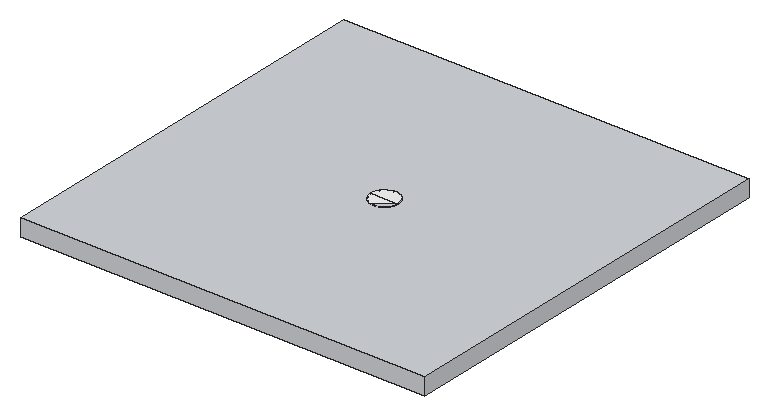
Revit family
Parameters (values of type "4"")
  WFU = 0
  URL = "WWW.MIFAB.COM"
  Strainer Diameter = 6.50"
  Pipe Radius = Pipe Diameter / 2  # 2.00"
  Pipe Diameter = 4.00"
  Model = "F1240"
  Manufacturer = "MIFAB"
  Floor Drain Material = Paint - Sherwin Williams Paint - #952C2A - Bellwood Red
  Description = "NON ADJUSTABLE AREA DRAIN"
  Default Elevation = 0.00"
  Body Height = 3.00"
Types (4): name | Pipe Radius | Pipe Diameter
  (no name) | 2.00" | 4.00"
  2" | 1.00" | 2.00"
  3" | 1.50" | 3.00"
  4" | 2.00" | 4.00"
Reference planes (in)
  plane 1 "Center (Front/Back)": y = 0
  plane 2: z = 0
  plane 3 "Center (Left/Right)": x = 0
  plane 4: x = -3.25
  plane 5: x = 3.25
  plane 6: z = -3
  plane 7: x = -2
  plane 8: x = 2
  plane 9: z = -0.9
Forms (in)
  Extrusion 1, solid
    sketch origin (0, 0, 0) x (1, 0, 0) y (0, 1, 0)
      loop
        line (-48, 48) -> (-48, -48) -> (48, -48) -> (48, 48) -> (-48, 48)
    from 0 to -4
  Revolve 2, solid, material "Paint - Sherwin Williams Paint - #952C2A - Bellwood Red" <- "Floor Drain Material"
    sketch origin (0, 0, 0) x (1, 0, 0) y (0, 0, 1)
      loop
        line (2, -3) -> (2.15, -3) -> (2.15, -0.9) -> (3.25, -0.9) -> (3.25, 0) -> (0, 0) -> (0, -0.15) -> (3.1, -0.15) -> (3.1, -0.75) -> (2, -0.75) -> (2, -3)
      axis (0, 0) -> (0, -3)
    angle from 0 to 360
Lines and regions (in)
  symbolic lines
    curve 1: circle (0, 0, 0) r 3.25 normal (0, 0, 1)
    curve 2: circle (0, 0, 0) r 2 normal (0, 0, 1)
Dimensions and locks (in)
  equal spacing: plane 5, plane 3 "Center (Left/Right)", plane 4
  "Strainer Diameter": plane 5 to plane 4
  "Body Height": Extrusion 1 to plane 6
  equal spacing: plane 8, plane 3 "Center (Left/Right)", plane 7
  "Pipe Diameter": plane 8 to plane 7
  locked: Extrusion 1 to plane 9 at 0.9
  locked: Revolve 2 sketch curve to Revolve 2 sketch curve at 0.15
  Revolve 2 sketch curve to Revolve 2 sketch curve to Revolve 2 sketch curve = 0.15", 0.60"
  Revolve 2 sketch curve to plane 5 = 0.15"
  aligned and locked: plane 2 to Extrusion 1
  aligned and locked: level to Extrusion 1
  aligned and locked: plane 8 to Revolve 2 sketch curve
  aligned and locked: Extrusion 1 to Revolve 2 sketch curve
  aligned and locked: Revolve 2 sketch curve to plane 5
  aligned and locked: plane 3 "Center (Left/Right)" to Revolve 2 sketch curve
Automatic sketch dimensions
  Extrusion 1 sketch curve to Extrusion 1 sketch curve = 96.00"  (x2)
  Revolve 2 sketch curve to plane 3 "Center (Left/Right)" = 0.00"
  Revolve 2 sketch curve to plane 6 = 0.00"
  Revolve 2 sketch curve to plane 9 = 0.00"
  Revolve 2 sketch curve to plane 6 = 21.00"
  level to Revolve 2 sketch curve = 102.71882"
  curve 1 to curve 2 = 0.00"  (x2)
  plane 1 "Center (Front/Back)" to curve 2 = 0.00"
  curve 2 to plane 3 "Center (Left/Right)" = 0.00"
  radius of curve 1 = 3.25"
  radius of curve 2 = 2.00"
Connectors (in)
  piping at (0, 0, -3), driven by "Pipe Radius", driven by "WFU"
    settings: on Revolve 2, index 1, connector radius 2", flow factor 0, pipe flow 0 GPM, pressure drop 0.00 psi, fitting loss kfactor 0, connector angle 0.00°, fixture units 0, flow configuration 3, flow direction 2, fitting loss method 0, system type 16, connector reference index -1, connector utility 0, adjustable connector no, is connector primary yes, fitting loss table "", connector description "Sanitary Out"
